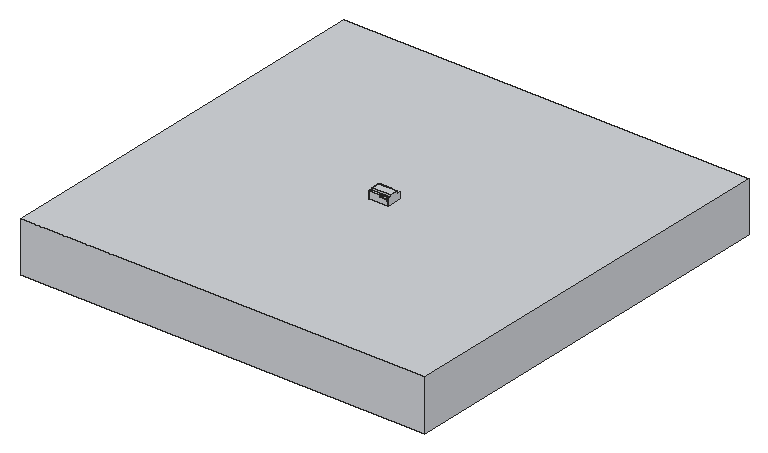
Revit family "Gira_257000", category Elektroinstallationen, Revit 2017
Family settings
  Basisbauteil = Fläche
  Beschriftungsausrichtung beibehalten = Nein
  Bemaßung runder Anschluss = Durchmesser verwenden
  Teiletyp = Normal
  Beim Laden mit Abzugskörper schneiden = Nein
  Gemeinsam genutzt = Nein
  Raumberechnungspunkt = Nein
Parameters (values of type "Spannungsversorgung DC 24 V 700 mA REG Türko")
  Default Elevation = 1219.2 mm
  URL = "https://www.gira.de/"
  Typname = "Spannungsversorgung DC 24 V 700 mA REG Türko"
  Type Comments = ""
  Stromart = "DC"
  Steuerfunktion = no
  Serviceanzeigen = no
  Schutzart (IP) = "IP20"
  Programmiersperre = no
  Produktseite = "https://media.live.bim.site/t/eyJhbGciOiJIUzI1NiIsInR5cCI6IkpXVCJ9.eyJjdCI6MiwidHUiOiJodHRwOi8va2F0YWxvZy5naXJhLmRlL2RlX0RFL2RhdGVuYmxhdHQuaHRtbD9hcnRpa2VsbnI9MjU3MDAwIiwiY2lkIjoiZmVkOThlOWEtMWJkOC00YzY4LWE3M2ItNzRhOTRlMzE1ODIzIiwicmlkIjoiODhhZmY5MGU4MTFjMTg1MTI2YjllNzlmZDY5NzQzOTEiLCJwaWQiOiI3MTBiOGU4YTY4NDE5YmE4NTUzNTgwZjVjNGU1ZWUwMDI3OWI4NThkIiwic2lkIjoiNjM0NzAiLCJ1dCI6MSwibGMiOiJkZSIsImlhdCI6MTYwNjk3ODM0NywiaXNzIjoiaHR0cHM6Ly9hcGkubGl2ZS5iaW0uc2l0ZSIsInN1YiI6IjhkM2FhNWNiLWUwNjYtNDU5OC1iZTE2LTZlMTZlZTc0OTU2YSJ9.56EnMLhtcaGOZRwcRki2JAjBJPgrPk1QoQvldUGtv_4"
  Model = ""
  Cost = 0
  Ist Zubehör = no
  Ist System = no
  Integrierte Türöffnerschaltung = no
  Installationstechnik = "Bus-System"
  Hersteller = "Gira"
  HeinzeBIM = "https://www.heinze.de/bim/spannungsversorgung-dc-24-v-700-ma-reg-tuerko/710b8e8a68419ba8553580f5c4e5ee00279b858d"
  HAN = "257000"
  GTIN = "4010337025702"
  Eingangsspannung [Volt] = 230
  Datenblatt 1 = "https://media.live.bim.site/t/eyJhbGciOiJIUzI1NiIsInR5cCI6IkpXVCJ9.eyJjdCI6MSwidGYiOiJwdWJsaWMvZ2lyYS8xMTljZWFmLzI1NzAwMC50eHQiLCJjaWQiOiJmZWQ5OGU5YS0xYmQ4LTRjNjgtYTczYi03NGE5NGUzMTU4MjMiLCJyaWQiOiI4OGFmZjkwZTgxMWMxODUxMjZiOWU3OWZkNjk3NDM5MSIsInBpZCI6IjcxMGI4ZThhNjg0MTliYTg1NTM1ODBmNWM0ZTVlZTAwMjc5Yjg1OGQiLCJzaWQiOiI2MzQ3MCIsInV0IjoxLCJsYyI6ImRlIiwiaWF0IjoxNjA2OTc4MzQ3LCJpc3MiOiJodHRwczovL2FwaS5saXZlLmJpbS5zaXRlIiwic3ViIjoiOGQzYWE1Y2ItZTA2Ni00NTk4LWJlMTYtNmUxNmVlNzQ5NTZhIn0.vz8AoRm4mVwDxcAN8Nc50mmDJPuV54jbTRDlysrH3Zg/257000.txt"
  Datenblatt = "https://media.live.bim.site/t/eyJhbGciOiJIUzI1NiIsInR5cCI6IkpXVCJ9.eyJjdCI6MSwidHUiOiJodHRwczovL2thdGFsb2cuZ2lyYS5kZS9kZV9ERS9kb3dubG9hZC5odG1sP2FydGlrZWxucj0yNTcwMDAiLCJjaWQiOiJmZWQ5OGU5YS0xYmQ4LTRjNjgtYTczYi03NGE5NGUzMTU4MjMiLCJyaWQiOiI4OGFmZjkwZTgxMWMxODUxMjZiOWU3OWZkNjk3NDM5MSIsInBpZCI6IjcxMGI4ZThhNjg0MTliYTg1NTM1ODBmNWM0ZTVlZTAwMjc5Yjg1OGQiLCJzaWQiOiI2MzQ3MCIsInV0IjoxLCJsYyI6ImRlIiwiaWF0IjoxNjA2OTc4MzQ3LCJpc3MiOiJodHRwczovL2FwaS5saXZlLmJpbS5zaXRlIiwic3ViIjoiOGQzYWE1Y2ItZTA2Ni00NTk4LWJlMTYtNmUxNmVlNzQ5NTZhIn0.y_-dizDD0f-8wqvCNOfr2tHXdVPKSU7X7Mc3nuOPFxU"
  Beschreibung = "Spannungsversorgung für Türkommunikation DC 24 V 700 mA  REG"
  Assembly Code = ""
  Keynote = ""
  BIMSITE_PRODUCT_ID = "710b8e8a68419ba8553580f5c4e5ee00279b858d"
  BIM = "https://media.live.bim.site/t/eyJhbGciOiJIUzI1NiIsInR5cCI6IkpXVCJ9.eyJjdCI6MSwidGYiOiJwdWJsaWMvZ2lyYS8xMTljZWFmLzI1NzAgMDBfUkVHIDYucmZhIiwiY2lkIjoiZmVkOThlOWEtMWJkOC00YzY4LWE3M2ItNzRhOTRlMzE1ODIzIiwicmlkIjoiODhhZmY5MGU4MTFjMTg1MTI2YjllNzlmZDY5NzQzOTEiLCJwaWQiOiI3MTBiOGU4YTY4NDE5YmE4NTUzNTgwZjVjNGU1ZWUwMDI3OWI4NThkIiwic2lkIjoiNjM0NzAiLCJ1dCI6NSwibGMiOiJkZSIsImlhdCI6MTYwNjk3ODM0NywiaXNzIjoiaHR0cHM6Ly9hcGkubGl2ZS5iaW0uc2l0ZSIsInN1YiI6IjhkM2FhNWNiLWUwNjYtNDU5OC1iZTE2LTZlMTZlZTc0OTU2YSJ9.X5XWqQ6aJpSJt5_HJsyjh0mezCfBsi1eVpEwRdJ-yuM/2570 00_REG 6.rfa"
  Auswertefunktion = no
  Ausgangsspannung [Volt] = 24
  Anwendung = "sonstige"
Reference planes
  plane 1 "Center (Front/Back)": y = 0
  plane 2: z = 0
  plane 3 "Center (Left/Right)": x = 0
Forms (mm)
  Extrusion 1, solid
    sketch origin (0, 0, 0) x (1, 0, 0) y (0, 1, 0)
      loop
        line (-1219.2, 1219.2) -> (-1219.2, -1219.2) -> (1219.2, -1219.2) -> (1219.2, 1219.2) -> (-1219.2, 1219.2)
    from 0 to -304.8
  Extrusion 2, solid, detail levels fine
    sketch origin (0, 0, 0) x (0, 1, 0) y (0, 0, 1)
      loop
        line (23, 49.5) -> (-23, 49.5) -> (-23, 39) -> (-43, 39) -> (-43, 0) -> (-41, 0) -> (-41, 37.5) -> (-21.5, 37.5) -> (-21.5, 45.5) -> (21.5, 45.5) -> (21.5, 37.5) -> (41, 37.5) -> (41, 0) -> (43, 0) -> (43, 39) -> (23, 39) -> (23, 49.5)
    from -56.45 to 56.45
  Extrusion 3, solid, detail levels fine
    sketch origin (-19.55, 0, 0) x (0, 1, 0) y (0, 0, 1)
      loop
        line (23, 49.5) -> (-23, 49.5) -> (-23, 39) -> (-43, 39) -> (-43, 20) -> (-43, 0) -> (43, 0) -> (43, 20) -> (43, 39) -> (23, 39) -> (23, 49.5)
    from 76 to 78.5
  Extrusion 4, solid, detail levels fine
    sketch origin (19.55, 0, 0) x (0, 1, 0) y (0, 0, -1)
      loop
        line (23, -49.5) -> (23, -39) -> (43, -39) -> (43, -20) -> (43, 0) -> (-43, 0) -> (-43, -20) -> (-43, -39) -> (-23, -39) -> (-23, -49.5) -> (23, -49.5)
    from 76 to 78.5
  Extrusion 5, solid, detail levels medium
    sketch origin (0, 0, 0) x (0, 1, 0) y (0, 0, 1)
      loop
        line (23, 49.5) -> (-23, 49.5) -> (-23, 39) -> (-43, 39) -> (-43, 20) -> (-43, 0) -> (43, 0) -> (43, 20) -> (43, 39) -> (23, 39) -> (23, 49.5)
    from -58.95 to 58.95
  Extrusion 6, solid
    sketch origin (0, 0, 0) x (0, -1, 0) y (0, 0, -1)
      loop
        line (41, -37.5) -> (41, -26.247) -> (31.5, -26.247) -> (31.5, -27.747) -> (31.5, -37.5) -> (33, -37.5) -> (41, -37.5)
    from 0 to 56.45
  Extrusion 7, void
    sketch origin (0, 0, 0) x (1, 0, 0) y (0, 1, 0)
      loop
        line (56.45, -33) -> (14.212, -33)
        arc (14.212, -33) -> (13.326, -33.18) -> (12.518, -33.583) r 3.46
        line (12.518, -33.583) -> (5.518, -37.602)
        arc (5.518, -37.602) -> (4.997, -38.189) -> (4.749, -38.934) r 1.955
        line (4.749, -38.934) -> (4.749, -43) -> (56.45, -43) -> (56.45, -33)
    from 27.747 to 39
  Extrusion 8, solid
    sketch origin (0, 0, 0) x (0, 1, 0) y (0, 0, 1)
      loop
        line (41, 37.5) -> (33, 37.5) -> (31.5, 37.5) -> (31.5, 27.747) -> (31.5, 26.247) -> (41, 26.247) -> (41, 37.5)
    from 0 to 56.45
  Extrusion 9, void
    sketch origin (0, 0, 0) x (1, 0, 0) y (0, 1, 0)
      loop
        line (56.45, 33) -> (56.45, 43) -> (4.749, 43) -> (4.749, 38.934)
        arc (4.749, 38.934) -> (4.997, 38.189) -> (5.518, 37.602) r 1.955
        line (5.518, 37.602) -> (12.518, 33.583)
        arc (12.518, 33.583) -> (13.326, 33.18) -> (14.212, 33) r 3.46
        line (14.212, 33) -> (56.45, 33)
    from 27.747 to 39
  Extrusion 10, solid, detail levels coarse
    sketch origin (0, 0, 0) x (1, 0, 0) y (0, 1, 0)
      loop
        line (-58.95, -43) -> (58.95, -43) -> (58.95, 43) -> (-58.95, 43) -> (-58.95, -43)
    from 0 to 49.5
Cuts and joins
  Extrusion 7, Extrusion 9 cuts Extrusion 2
  Extrusion 7, Extrusion 9 cuts Extrusion 3
  Extrusion 7, Extrusion 9 cuts Extrusion 5
  Extrusion 7, Extrusion 9 cuts Extrusion 6
  Extrusion 9 cuts Extrusion 8
Dimensions and locks
  aligned and locked: plane 2 to Extrusion 1
  aligned and locked: level to Extrusion 1
